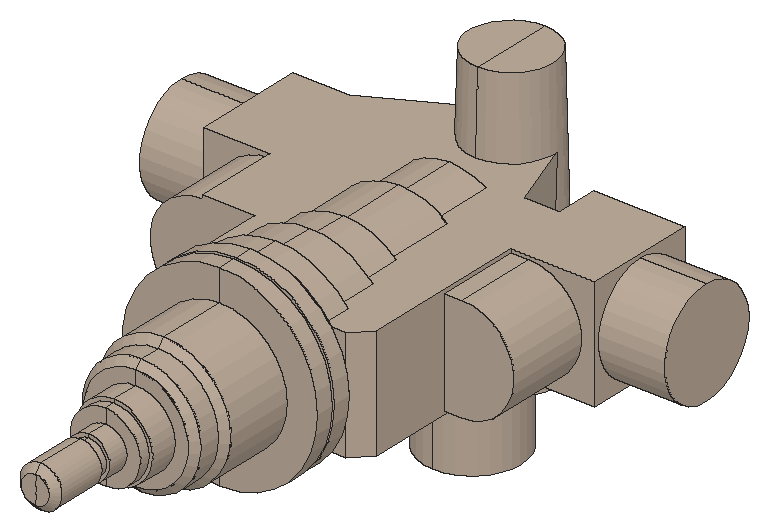
Revit family "Valve-Waterworks-Universal-Pressure_Balance", category Pipe Accessories, Revit 2014
Parameters (values of type "Universal Pressure Balance Valve")
  ‌Installation Requirements or Notes = "It is recommended not to exceed 4.2 gpm total,per shower installation; restricted maximum flow rate is controlled by end fitting, see fitting specs for details"  # constant formula
  Water Pressure = "Max: 85psi / Min: 20psi / Recommended: 45psi"  # constant formula
  Warranty = "http://www.waterworks.com/warranty"
  Version = "2014 - v1.0a"  # constant formula
  URL = "http://www.waterworks.com/"
  Length = 0' - 4 3/4"  # constant formula
  Height = 0' - 3 3/4"  # constant formula
  Fittings Hole Diameter = 0' - 3 1/2"  # constant formula
  Depth = 0' - 5 3/4"  # constant formula
  Control Valve Rough-in Depth Minimum = 0' - 1 7/8"  # constant formula
  Control Valve Rough-in Depth Maximum = 0' - 2 7/8"  # constant formula
  Cold Water Inlet Diameter = 0' - 0 1/2"  # constant formula
  Cold Water Inlet Connection = "Inlet - Sweat Shower / Sweat Tub"  # constant formula
  Support Phone = "(224) 699-9545"  # constant formula
  Support Email = "mailto:support@anguleris.com"
  Hot Water Inlet Diameter = 0' - 0 1/2"  # constant formula
  Hot Water Inlet Connection = "Inlet - Sweat Shower / Sweat Tub"  # constant formula
  Product Page URL = "http://www.waterworks.com/universal-pressure-balance-valve-gupb81"
  Product Name = "Universal Pressure Balance Valve"  # constant formula
  Product Documentation Link = "http://assets.waterworks.com/wasset/104/original/34904.pdf"
  Pressure = 45.00 psi
  Model SKU = "26-14896-55828"  # constant formula
  Model = "GUPB81"  # constant formula
  Mixed Water Top Outlet Diameter = 0' - 0 1/2"  # constant formula
  Mixed Water Outlet Top Connection = "Outlet - Copper Sweat"  # constant formula
  Material = ""
  Manufacturer Phone Number = "(203)546-6201"  # constant formula
  Manufacturer Email = "mailto:acallanan@waterworks.com"
  Manufacturer Address = "60 Backus Avenue, Danbury, CT 06810"  # constant formula
  Manufacturer = "Waterworks"  # constant formula
  Keynote = "22 40 00"
  Mixed Water Bottom Outlet Diameter = 0' - 0 1/2"  # constant formula
  Mixed Water Outlet Bottom Connection = "Outlet - Copper Sweat"  # constant formula
  Finish = Metal - Waterworks - Brass
  Description = "Universal Pressure Balance Valve"  # constant formula
  Copyright = "@2017 Waterworks Operating Company LLC. All rights reserved"  # constant formula
  Code Compliance = "Code # GUSV81: ASME A112.18.1 / CSA B125.1, IAPMO, CSA, State of MA"  # constant formula
  Certification cUPC = 1 = 1  # yes
  Certification UPC = 1 = 1  # yes
  Certification State of MA = 1 = 1  # yes
  Certification IAPMO = 1 = 1  # yes
  Certification CSA = 1 = 1  # yes
  Assembly Code = "D2010"
  Anti-scald Protection = 1 = 1  # yes
  ADA Compliant = 1 = 1  # yes
Reference planes (in)
  plane 1 "Center (Elevation)": z = 0
  plane 2 "Back": y = 0
  plane 3 "Center (Left/Right)": x = 0
  plane 4 "Left": x = -2.34375
  plane 5 "Right": x = 2.34375
  plane 6 "Top": z = 1.21875
  plane 7 "Bottom": z = -1.78125
  plane 8: y = -1.1875
  plane 9 "Front": y = -5.75
Forms (in)
  Revolve 1, solid, material "Metal - Waterworks - Brass" <- "Finish", detail levels fine
    sketch origin (0, 0, 0) x (0, 0, 1) y (0, -1, 0)
      loop
        line (0, 5.75) -> (0, 1.125) -> (0.59375, 1.125) -> (0.59375, 1.625) -> (0.65625, 1.6875) -> (0.65625, 2.3125) -> (0.6875, 2.3125) -> (0.6875, 2.6875) -> (0.75, 2.6875) -> (0.75, 3.0625) -> (0.8125, 3.0625) -> (0.8125, 3.28125) -> (0.875, 3.34375) -> (0.875, 3.5) -> (0.84375, 3.5) -> (0.84375, 3.53125) -> (0.875, 3.53125) -> (0.875, 3.6875) -> (0.59375, 3.6875) -> (0.59375, 4.3125) -> (0.53125, 4.375) -> (0.53125, 4.5625) -> (0.46875, 4.625) -> (0.34375, 4.625) -> (0.34375, 4.875) -> (0.3125, 4.875) -> (0.3125, 4.96875) -> (0.1875, 4.96875) -> (0.1875, 5.15625) -> (0.15625, 5.15625) -> (0.15625, 5.25) -> (0.1875, 5.25) -> (0.1875, 5.6875) -> (0.125, 5.75) -> (0, 5.75)
      axis (0, 5.75) -> (0, 1.125)
    angle from 0 to 360
  Extrusion 2, solid, material "Metal - Waterworks - Brass" <- "Finish", detail levels fine
    sketch origin (0, 0, 0) x (0, -1, 0) y (1, 0, 0)
      loop
        line (1.6875, -1.75016) -> (1.6875, -1.68766) -> (2.4375, -1.68766) -> (2.4375, -0.6875) -> (3.34375, -0.6875) -> (3.34375, 0.84359) -> (3.1875, 0.99984) -> (1.6875, 0.99984) -> (1.6875, 1.74984) -> (0.6875, 1.74984) -> (0.6875, 0.93734) -> (1.0625, 0.93734) -> (1.0625, 0.62484) -> (0.30995, 0.35264) -> (0.10768, -0.17844) -> (0.6875, -1.25016) -> (0.6875, -1.75016) -> (1.6875, -1.75016)
    from 0.5 to -0.5
  Extrusion 3, void, detail levels fine
    sketch origin (0, 0, 0) x (1, 0, 0) y (0, 0, 1)
      loop
        line (-1.15641, 0.46875) -> (-1.15641, 1.21875) -> (-2.34375, 1.21875) -> (-2.34375, -1.78125) -> (-1.15641, -1.78125) -> (-1.15641, -0.46875)
        arc (-1.15641, -0.46875) -> (-1.62516, 0) -> (-1.15641, 0.46875) r 0.46875
    from 1.6875 to 2.4375
  Extrusion 4, solid, material "Metal - Waterworks - Brass" <- "Finish", detail levels fine
    sketch origin (0, 0, 0) x (1, 0, 0) y (0, 0, 1)
      loop
        arc (1.15641, -0.46875) -> (1.62516, 0) -> (1.15641, 0.46875) r 0.46875
        line (1.15641, 0.46875) -> (0.99984, 0.46875) -> (0.99984, -0.46875) -> (1.15641, -0.46875)
    from 1.6875 to 2.4375
  Revolve 5, solid, material "Metal - Waterworks - Brass" <- "Finish", detail levels fine
    sketch origin (0, 0, 0) x (0, 0, 1) y (0, -1, 0)
      loop
        line (1.21875, 0.0625) -> (1.21875, 0.4375) -> (-1.40536, 0.4375)
        arc (-1.40536, 0.4375) -> (-1.38965, 0.21727) -> (-1.34286, 0.00149) r 1.5521
        line (-1.34286, 0.00149) -> (1.21875, 0.0625)
      axis (1.21875, 0.4375) -> (-1.40536, 0.4375)
    angle from 0 to 360
  Revolve 6, solid, material "Metal - Waterworks - Brass" <- "Finish", detail levels fine
    sketch origin (0, 0, 0) x (0, 0, 1) y (0, -1, 0)
      loop
        line (-1.78125, 0.87301) -> (-1.78125, 0.43551) -> (0, 0.43551) -> (0, 0.87301) -> (-1.78125, 0.87301)
      axis (0, 0.87301) -> (-1.78125, 0.87301)
    angle from 0 to 360
  Extrusion 7, solid, material "Metal - Waterworks - Brass" <- "Finish", detail levels fine
    sketch origin (0, 0, 0) x (0, 0, 1) y (0, -1, 0)
      loop
        circle (0, 1.1875) r 0.46875
    from 0.93734 to 2.34375
  Extrusion 8, solid, material "Metal - Waterworks - Brass" <- "Finish", detail levels fine
    sketch origin (0, 0, 0) x (0, 0, 1) y (0, -1, 0)
      loop
        circle (0, 1.1875) r 0.46875
    from -2.34375 to -1.75016
Cuts and joins
  Extrusion 3 cuts Extrusion 2
  joined: Revolve 1, Extrusion 2, Extrusion 4, Revolve 5, Revolve 6, Extrusion 7, Extrusion 8
Lines and regions (in)
  model lines, detail levels coarse+medium
    curve 1: line (0, -1.1875, 0) -> (-0.5359, -1.1875, -2)
    curve 2: line (0, -1.1875, 0) -> (0.5359, -1.1875, -2)
    curve 3: line (-0.5359, -1.1875, -2) -> (0.5359, -1.1875, -2)
    curve 4: line (2, -1.1875, -0.5359) -> (-2, -1.1875, 0.5359)
    curve 5: line (2, -1.1875, 0.5359) -> (-2, -1.1875, -0.5359)
    curve 6: line (-2, -1.1875, 0.5359) -> (-2, -1.1875, -0.5359)
    curve 7: line (2, -1.1875, 0.5359) -> (2, -1.1875, -0.5359)
    curve 8: circle (0, -1.1875, 0) r 0.75 normal (0, -1, 0)
Dimensions and locks (in)
  equal spacing: plane 4 "Left", plane 3 "Center (Left/Right)", plane 5 "Right", locked at 2.34375 each
  Revolve 1 sketch curve to Revolve 1 sketch curve to Revolve 1 sketch curve to Revolve 1 sketch curve to Revolve 1 sketch curve to Revolve 1 sketch curve to Revolve 1 sketch curve to Revolve 1 sketch curve to Revolve 1 sketch curve to Revolve 1 sketch curve to Revolve 1 sketch curve to Revolve 1 sketch curve to Revolve 1 sketch curve to Revolve 1 sketch curve to Revolve 1 sketch curve to Revolve 1 sketch curve to Revolve 1 sketch curve to Revolve 1 sketch curve to Revolve 1 sketch curve to Revolve 1 sketch curve to plane 2 "Back" = 0' - 0 7/16" locked, 0' - 0 3/32" locked, 0' - 0 3/16" locked, 0' - 0 3/32" locked, 0' - 0 1/4" locked, 0' - 0 1/16" locked, 0' - 0 3/16" locked, 0' - 0 1/16" locked, 0' - 0 5/8" locked, 0' - 0 5/32" locked, 0' - 0 1/32" locked, 0' - 0 5/32" locked, 0' - 0 1/16" locked, 0' - 0 7/32" locked, 0' - 0 3/8" locked, 0' - 0 3/8" locked, 0' - 0 5/8" locked, 0' - 0 1/16" locked, 0' - 0 1/2" locked, 0' - 1 1/8" locked
  Revolve 1 sketch curve to Revolve 1 sketch curve to Revolve 1 sketch curve to Revolve 1 sketch curve to Revolve 1 sketch curve to Revolve 1 sketch curve to Revolve 1 sketch curve to Revolve 1 sketch curve to Revolve 1 sketch curve to Revolve 1 sketch curve to Revolve 1 sketch curve to Revolve 1 sketch curve to Revolve 1 sketch curve to Revolve 1 sketch curve to plane 1 "Center (Elevation)" = 0' - 0" locked, 0' - 0 1/16" locked, 0' - 0 1/16" locked, 0' - 0 1/16" locked, 0' - 0 1/32" locked, 0' - 0 1/16" locked, 0' - 0" locked, 0' - 0 1/16" locked, 0' - 0 3/16" locked, 0' - 0 1/32" locked, 0' - 0 1/8" locked, 0' - 0" locked, 0' - 0 1/32" locked, 0' - 0 5/32" locked
  Extrusion 3 sketch curve to Extrusion 3 sketch curve to Extrusion 3 sketch curve to Extrusion 3 sketch curve to plane 3 "Center (Left/Right)" = 0' - 0 15/32" locked, 0' - 0" locked, 0' - 0" locked, 0' - 1.15641" locked
  equal spacing: plane 3 "Center (Left/Right)", Extrusion 4 sketch curve, Extrusion 4 sketch curve
  equal spacing: Extrusion 4 sketch curve, plane 1 "Center (Elevation)", Extrusion 4 sketch curve, locked at 0.46875 each
  locked: Revolve 5 sketch curve to plane 2 "Back" at 0.4375
  Revolve 5 sketch curve to plane 1 "Center (Elevation)" to Revolve 5 sketch curve = 0' - 0.14674" locked, 0' - 1.40536" locked
  Revolve 5 sketch curve to Revolve 5 sketch curve to plane 2 "Back" = 0' - 0.06101" locked, 0' - 0.00149" locked
  Extrusion 2 sketch curve to Extrusion 2 sketch curve to Extrusion 2 sketch curve to Extrusion 2 sketch curve to plane 3 "Center (Left/Right)" to Extrusion 2 sketch curve to Extrusion 2 sketch curve to Extrusion 2 sketch curve to Extrusion 2 sketch curve = 0' - 0 3/4" locked, 0' - 0 1/16" locked, 0' - 0.5847" locked, 0' - 0.35264" locked, 0' - 0.17844" locked, 0' - 0.50906" locked, 0' - 1.00016" locked, 0' - 0 1/16" locked
  Extrusion 2 sketch curve to Extrusion 2 sketch curve to Extrusion 2 sketch curve to Extrusion 2 sketch curve to Extrusion 2 sketch curve to plane 8 to Extrusion 2 sketch curve to Extrusion 2 sketch curve to Extrusion 2 sketch curve = 0' - 0.20227" locked, 0' - 0.37755" locked, 0' - 0" locked, 0' - 0 3/8" locked, 0' - 0 1/8" locked, 0' - 0 1/2" locked, 0' - 0" locked, 0' - 0 3/4" locked
  locked: Revolve 6 sketch curve to plane 2 "Back" at 0.87301
  locked: Revolve 6 sketch curve to plane 2 "Back" at 0.43551
  locked: Extrusion 7 sketch curve to plane 8 at 0.46875
  locked: plane 8 to Extrusion 8 sketch curve at 0.46875
  plane 7 "Bottom" to plane 1 "Center (Elevation)" to plane 6 "Top" = 0' - 1 25/32" locked, 0' - 1 7/32" locked
  plane 2 "Back" to plane 8 to plane 9 "Front" = 0' - 1 3/16" locked, 0' - 4 9/16" locked
  aligned and locked: Revolve 1 sketch curve to plane 1 "Center (Elevation)"
  aligned and locked: plane 9 "Front" to Revolve 1 sketch curve
  aligned and locked: plane 1 "Center (Elevation)" to Revolve 1 sketch curve
  aligned and locked: Revolve 1 to Extrusion 2 sketch curve
  aligned and locked: plane 1 "Center (Elevation)" to Extrusion 3 sketch curve
  aligned and locked: Extrusion 3 sketch curve to plane 6 "Top"
  aligned and locked: Extrusion 3 sketch curve to plane 4 "Left"
  aligned and locked: Extrusion 3 sketch curve to plane 7 "Bottom"
  aligned and locked: Extrusion 3 to Extrusion 2  (x2)
  aligned and locked: cut or joined group of Revolve 1, Extrusion 2, Extrusion 3, Extrusion 4, Revolve 5, Revolve 6, Extrusion 7, Extrusion 8 to Extrusion 4 sketch curve
  aligned and locked: Extrusion 4 to cut or joined group of Revolve 1, Extrusion 2, Extrusion 3, Extrusion 4, Revolve 5, Revolve 6, Extrusion 7, Extrusion 8  (x2)
  aligned and locked: plane 6 "Top" to Revolve 5 sketch curve
  aligned and locked: Revolve 5 sketch curve to Revolve 5 sketch curve  (x2)
  aligned and locked: plane 1 "Center (Elevation)" to Revolve 6 sketch curve
  aligned and locked: Revolve 6 sketch curve to plane 7 "Bottom"
  aligned and locked: Revolve 6 sketch curve to Revolve 6 sketch curve
  aligned and locked: plane 8 to Extrusion 7 sketch curve
  aligned and locked: plane 1 "Center (Elevation)" to Extrusion 7 sketch curve
  aligned and locked: plane 5 "Right" to Extrusion 7
  aligned and locked: cut or joined group of Revolve 1, Extrusion 2, Extrusion 3, Extrusion 4, Revolve 5, Revolve 6, Extrusion 7, Extrusion 8 to Extrusion 7
  aligned and locked: plane 8 to Extrusion 8 sketch curve
  aligned and locked: plane 1 "Center (Elevation)" to Extrusion 8 sketch curve
  aligned and locked: Extrusion 8 to cut or joined group of Revolve 1, Extrusion 2, Extrusion 3, Extrusion 4, Revolve 5, Revolve 6, Extrusion 7, Extrusion 8
  aligned and locked: Extrusion 8 to plane 4 "Left"
Automatic sketch dimensions
  Revolve 1 sketch curve to Revolve 1 sketch curve = 0' - 0 1/16"  (x2)
  Revolve 1 sketch curve to Revolve 1 sketch curve = 0' - 0 1/32"
  Revolve 1 sketch curve to plane 2 "Back" = 1' - 0"
  plane 9 "Front" to Revolve 1 sketch curve = 1' - 0"
  plane 7 "Bottom" to Revolve 5 sketch curve = 0' - 10 7/32"
  Revolve 5 sketch curve to plane 6 "Top" = 0' - 10 25/32"
  plane 7 "Bottom" to Revolve 6 sketch curve = 0' - 10 7/32"
  Revolve 6 sketch curve to plane 6 "Top" = 0' - 10 25/32"
  Extrusion 2 sketch curve to Extrusion 2 sketch curve = 0' - 0 5/32"  (x2)
  Extrusion 2 sketch curve to Extrusion 2 sketch curve = 0' - 0 1/2"
  Extrusion 2 sketch curve to Extrusion 2 sketch curve = 0' - 0 5/16"
  Extrusion 4 sketch curve to Extrusion 4 sketch curve = 0' - 0.15657"
  Extrusion 4 sketch curve to Extrusion 4 sketch curve = 0' - 0 15/32"
  curve 2 to level = 0' - 0"
  curve 8 to level = 0' - 0"
  curve 8 to plane 3 "Center (Left/Right)" = 0' - 0"
  curve 1 to plane 3 "Center (Left/Right)" = 0' - 0"
  curve 6 to level = 0' - 0.5359"
  plane 7 "Bottom" to curve 3 = 0' - 0 7/32"
  level to curve 7 = 0' - 0.5359"
  level to curve 4 = 0' - 0.5359"
  plane 3 "Center (Left/Right)" to curve 2 = 0' - 0.5359"
  curve 4 to plane 5 "Right" = 0' - 0 11/32"
  plane 4 "Left" to curve 6 = 0' - 0 11/32"
  radius of curve 8 = 0' - 0 3/4"
Connectors (in)
  piping at (0, -0.87301, -1.78125), diameter 0.5, driven by "Mixed Water Outlet Bottom Connection", driven by "Mixed Water Bottom Outlet Diameter"
    settings: on cut or joined group of Revolve 1, Extrusion 2, Extrusion 3, Extrusion 4, Revolve 5, Revolve 6, Extrusion 7, Extrusion 8, index 1, connector inside diameter 24", connector length 0' - 0", flow factor 0, pipe flow 0 GPM, pressure drop 0.00 psi, fitting loss kfactor 0, connector angle 0.00°, fixture units 0, engagement length 0' - 0", angle of deflection 0.00°, flow configuration 0, flow direction 2, fitting loss method 0, system type 29, joint type 0, gender type 0, connector reference index -1, connector utility 0, adjustable connector no, is connector primary yes, connector description "Outlet - Copper Sweat"
  piping at (0, -0.4375, 1.21875), diameter 0.5, driven by "Mixed Water Outlet Top Connection", driven by "Mixed Water Top Outlet Diameter"
    settings: on cut or joined group of Revolve 1, Extrusion 2, Extrusion 3, Extrusion 4, Revolve 5, Revolve 6, Extrusion 7, Extrusion 8, index 2, connector inside diameter 24", connector length 0' - 0", flow factor 0, pipe flow 0 GPM, pressure drop 0.00 psi, fitting loss kfactor 0, connector angle 0.00°, fixture units 0, engagement length 0' - 0", angle of deflection 0.00°, flow configuration 0, flow direction 2, fitting loss method 0, system type 29, joint type 0, gender type 0, connector reference index -1, connector utility 0, adjustable connector no, is connector primary no, connector description "Outlet - Copper Sweat"
  piping at (2.34375, -1.1875, 0), diameter 0.5, driven by "Cold Water Inlet Connection", driven by "Cold Water Inlet Diameter"
    settings: on cut or joined group of Revolve 1, Extrusion 2, Extrusion 3, Extrusion 4, Revolve 5, Revolve 6, Extrusion 7, Extrusion 8, index 3, connector inside diameter 24", connector length 0' - 0", flow factor 0, pipe flow 0 GPM, pressure drop 0.00 psi, fitting loss kfactor 0, connector angle 0.00°, fixture units 0, engagement length 0' - 0", angle of deflection 0.00°, flow configuration 0, flow direction 1, fitting loss method 0, system type 20, joint type 0, gender type 0, connector reference index -1, connector utility 0, adjustable connector no, is connector primary no, connector description "Inlet - Sweat Shower / Sweat Tub"
  piping at (-2.34375, -1.1875, 0), diameter 0.5, driven by "Hot Water Inlet Connection", driven by "Hot Water Inlet Diameter"
    settings: on cut or joined group of Revolve 1, Extrusion 2, Extrusion 3, Extrusion 4, Revolve 5, Revolve 6, Extrusion 7, Extrusion 8, index 4, connector inside diameter 24", connector length 0' - 0", flow factor 0, pipe flow 0 GPM, pressure drop 0.00 psi, fitting loss kfactor 0, connector angle 0.00°, fixture units 0, engagement length 0' - 0", angle of deflection 0.00°, flow configuration 0, flow direction 1, fitting loss method 0, system type 19, joint type 0, gender type 0, connector reference index -1, connector utility 0, adjustable connector no, is connector primary no, connector description "Inlet - Sweat Shower / Sweat Tub"
